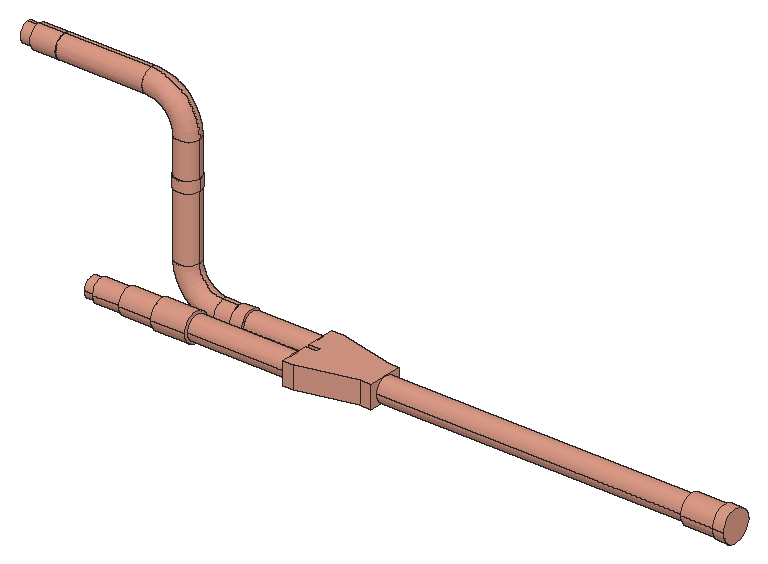
Revit family "outputfile", category 配管付属品, Revit 2024
Family settings
  丸型コネクタ寸法 = 半径を使用
  パーツ タイプ = 標準
  OmniClass 番号 = 23.65.55.00
  OmniClass タイトル = Distribution of Supplied Liquids/Gases
  作業面ベース = いいえ
  常に垂直 = はい
  ロード時にボイドで切り取り = いいえ
  共有 = いいえ
Parameters (values of type "BHFP26MA84_(1)")
  Description = ""
  製造元 = "Daikin"
  書き出し IFC クラス(タイプ) = "IfcPipeFittingType"
  Default Elevation = 0.0 mm
  定義済み IFC タイプ(タイプ) = "JUNCTION"
  Cost = 0
  モデル = "BHFP26MA84_(1)"
  Type Comments = ""
  Keynote = ""
  Type Image = (empty or 0)
  Assembly Code = ""
  table_PipeToCU_B [instance] = if(mm⇔inch, "Multi Module Kit_BHFP26MA-_Gas_PipeToCU_B", "Multi Module Kit_BHFP26MA-_Gas_PipeToCU_B_inch")  # "Multi Module Kit_BHFP26MA-_Gas_PipeToCU_B"
  table_PipeToCU_A [instance] = if(mm⇔inch, "Multi Module Kit_BHFP26MA-_Gas_PipeToCU_A", "Multi Module Kit_BHFP26MA-_Gas_PipeToCU_A_inch")  # "Multi Module Kit_BHFP26MA-_Gas_PipeToCU_A"
  table_ToMainPipe [instance] = if(mm⇔inch, "Multi Module Kit_BHFP26MA-_Gas_ToMainPipe", "Multi Module Kit_BHFP26MA-_Gas_ToMainPipe_inch")  # "Multi Module Kit_BHFP26MA-_Gas_ToMainPipe"
  switch_PipeToCU_B Reducer [instance] = if(and(Is_PipeToCU_B Reducer = 1, judge_IsOffsetPipe_ToOutdoorUnitB = 0), 1 = 1, 1 = 0)  # no
  switch_PipeToCU_B4 [instance] = if(number_PipeToCU_B < 4, 1 = 0, 1 = 1)  # yes
  switch_PipeToCU_B3 [instance] = if(number_PipeToCU_B < 3, 1 = 0, 1 = 1)  # yes
  switch_PipeToCU_B2 [instance] = if(number_PipeToCU_B < 2, 1 = 0, 1 = 1)  # yes
  switch_PipeToCU_A Reducer [instance] = if(Is_PipeToCU_A Reducer = 1, 1 = 1, 1 = 0)  # yes
  switch_ToMainPipe Reducer [instance] = if(Is_ToMainPipe Reducer = 1, 1 = 1, 1 = 0)  # no
  switch_ToMainPipe2 [instance] = if(number_ToMainPipe < 2, 1 = 0, 1 = 1)  # yes
  switch_Offset Reducer(4) [instance] = if(and([judge_JointType(1or2)] = 1, Is_PipeToCU_B Reducer = 1, judge_IsOffsetPipe_ToOutdoorUnitB = 1), 1 = 1, 1 = 0)  # no
  switch_Offset Reducer(3) [instance] = if(and([judge_JointType(1or2)] = 2, Is_PipeToCU_B Reducer = 1, judge_IsOffsetPipe_ToOutdoorUnitB = 1), 1 = 1, 1 = 0)  # no
  r_PipeToCU_B_ActualDiameter [instance] = PipeToCU_B_Gas_ActualDiameter / 2  # 9.55 mm
  r_PipeToCU_A_ActualDiameter [instance] = PipeToCU_A_Gas_ActualDiameter / 2  # 9.55 mm
  r_ToMainPipe_ActualDiameter [instance] = ToMainPipe_Gas_ActualDiameter / 2  # 15.9 mm
  number_PipeToCU_B ReducerPipe [instance] = size_lookup(table_PipeToCU_B, "reducerPipeNumber", 2, モデル, judge_IsOffsetPipe_ToOutdoorUnitB, PipeToCU_B_Gas_ActualDiameter)  # 0
  number_PipeToCU_B [instance] = size_lookup(table_PipeToCU_B, "pipeNumber", 2, モデル, judge_IsOffsetPipe_ToOutdoorUnitB, PipeToCU_B_Gas_ActualDiameter)  # 4
  number_PipeToCU_A ReducerPipe [instance] = size_lookup(table_PipeToCU_A, "reducerPipeNumber", 2, モデル, PipeToCU_A_Gas_ActualDiameter)  # 2
  number_ToMainPipe [instance] = size_lookup(table_ToMainPipe, "pipeNumber", 2, モデル, ToMainPipe_Gas_ActualDiameter)  # 2
  mm⇔inch [instance] = yes
  h_PipeToCU_B Connector [instance] = if(Is_PipeToCU_B Reducer = 1, 200.0 mm, 0.0 mm)  # 0.0 mm
  h_PipeToCU_A Connector [instance] = if(Is_PipeToCU_A Reducer = 1, 200.0 mm, 0.0 mm)  # 200.0 mm
  angle_PipeToCU_B Reducer [instance] = 90.00°  # constant formula
  Unit Type = "BHFP26MA-_Gas"
  Uniclass2015Version = "Products v1.31"
  Uniclass2015Title = "Copper pipe fittings"
  Uniclass2015Code = "Pr_65_52_63_18"
  URL = ""
  ToMainPipe_Gas_Status [instance] = size_lookup(table_ToMainPipe, "Information", "The connected pipe size is not available.", モデル, ToMainPipe_Gas_ActualDiameter)  # "Default connector size is used."
  ToMainPipe_Gas_ActualDiameter [instance] = 31.8 mm
  Tag No. [instance] = ""
  Series = "Multi Module kit"
  PipeToCU_B_Gas_Status [instance] = size_lookup(table_PipeToCU_B, "Information", "The connected pipe size is not available.", モデル, judge_IsOffsetPipe_ToOutdoorUnitB, PipeToCU_B_Gas_ActualDiameter)  # "Default connector size is used."
  PipeToCU_B_Gas_ActualDiameter [instance] = 19.1 mm
  PipeToCU_A_Gas_Status [instance] = size_lookup(table_PipeToCU_A, "Information", "The connected pipe size is not available.", モデル, PipeToCU_A_Gas_ActualDiameter)  # "Reducer is used at connector."
  PipeToCU_A_Gas_ActualDiameter [instance] = 19.1 mm
  Material_Piping = DAIKIN_Copper_Pipe
  Material_Insulation = DAIKIN_White_Insulation
  location_PipeToCU_B connector [instance] = size_lookup(table_PipeToCU_B, "Locationconnector", 0.0 mm, モデル, judge_IsOffsetPipe_ToOutdoorUnitB, PipeToCU_B_Gas_ActualDiameter)  # 0.0 mm
  location_PipeToCU_A connector [instance] = size_lookup(table_PipeToCU_A, "Locationconnector", 0.0 mm, モデル, PipeToCU_A_Gas_ActualDiameter)  # 0.0 mm
  l_PipeToCU_B connector [instance] = size_lookup(table_PipeToCU_B, "Length", 414.0 mm, モデル, judge_IsOffsetPipe_ToOutdoorUnitB, PipeToCU_B_Gas_ActualDiameter)  # 221.5 mm
  l_PipeToCU_B Reducer [instance] = 100.0 mm  # constant formula
  l_PipeToCU_B4 [instance] = size_lookup(table_PipeToCU_B, "L_Pipe4", 10.0 mm, モデル)  # 10.0 mm
  l_PipeToCU_B3 [instance] = size_lookup(table_PipeToCU_B, "L_Pipe3", 30.0 mm, モデル)  # 30.0 mm
  l_PipeToCU_B2 [instance] = size_lookup(table_PipeToCU_B, "L_Pipe2", 36.0 mm, モデル)  # 36.0 mm
  l_PipeToCU_B1 [instance] = size_lookup(table_PipeToCU_B, "L_Pipe1", 37.5 mm, モデル)  # 37.5 mm
  l_PipeToCU_B0 [instance] = size_lookup(table_PipeToCU_B, "L_Pipe0", 108.0 mm, モデル)  # 108.0 mm
  l_PipeToCU_A connector [instance] = size_lookup(table_PipeToCU_A, "Length", 320.0 mm, モデル, PipeToCU_A_Gas_ActualDiameter)  # 320.0 mm
  l_PipeToCU_A1 [instance] = size_lookup(table_PipeToCU_A, "L_Pipe1", 13.0 mm, モデル)  # 13.0 mm
  l_PipeToCU_A0 [instance] = size_lookup(table_PipeToCU_A, "L_Pipe0", 75.0 mm, モデル)  # 75.0 mm
  l_ToMainPipe connector [instance] = size_lookup(table_ToMainPipe, "Length", 384.0 mm, モデル, ToMainPipe_Gas_ActualDiameter)  # 384.0 mm
  l_ToMainPipe Reducer [instance] = size_lookup(table_ToMainPipe, "L_Reducer", 2.0 mm, モデル, ToMainPipe_Gas_ActualDiameter)  # 2.0 mm
  l_ToMainPipe2 [instance] = size_lookup(table_ToMainPipe, "L_Pipe2", 12.0 mm, モデル)  # 12.0 mm
  l_ToMainPipe1 [instance] = size_lookup(table_ToMainPipe, "L_Pipe1", 36.0 mm, モデル)  # 36.0 mm
  l_ToMainPipe0 [instance] = size_lookup(table_ToMainPipe, "L_Pipe0", 336.0 mm, モデル)  # 336.0 mm
  judge_IsOffsetPipe_ToOutdoorUnitB [instance] = 0  # constant formula
  judge_JointType(1or2) = 1
  count_PipeToCU_B Reducer [instance] = size_lookup(table_PipeToCU_B, "reducerCount", 1, モデル, judge_IsOffsetPipe_ToOutdoorUnitB, PipeToCU_B_Gas_ActualDiameter)  # 0
  count_PipeToCU_A Reducer [instance] = size_lookup(table_PipeToCU_A, "reducerCount", 1, モデル, PipeToCU_A_Gas_ActualDiameter)  # 1
  angle_PipeToCU_A Reducer [instance] = 90.00°  # constant formula
  angle_PipeToCU_A Connector [instance] = 90.00°  # constant formula
  PipeToCU_B_Gas_AvailableDiameter [instance] = size_lookup(table_PipeToCU_B, "sizeVariation", "", モデル, judge_IsOffsetPipe_ToOutdoorUnitB)  # "19.1/22.2/25.4/28.6mm"
  PipeToCU_A_Gas_AvailableDiameter [instance] = size_lookup(table_PipeToCU_A, "sizeVariation", "", モデル)  # "19.1/22.2mm"
  ToMainPipe_Gas_AvailableDiameter [instance] = size_lookup(table_ToMainPipe, "sizeVariation", "", モデル)  # "28.6/31.8/34.9mm"
  O.D_ToMainPipe Reducer [instance] = size_lookup(table_ToMainPipe, "O.D_reducer", 2.0 mm, モデル, ToMainPipe_Gas_ActualDiameter)  # 2.0 mm
  Link_Nested Family [instance] = ""
  Is_PipeToCU_B Reducer [instance] = size_lookup(table_PipeToCU_B, "IsReducer", 1, モデル, judge_IsOffsetPipe_ToOutdoorUnitB, PipeToCU_B_Gas_ActualDiameter)  # 0
  Is_PipeToCU_A Reducer [instance] = size_lookup(table_PipeToCU_A, "IsReducer", 1, モデル, PipeToCU_A_Gas_ActualDiameter)  # 1
  Is_ToMainPipe Reducer [instance] = size_lookup(table_ToMainPipe, "IsReducer", 0, モデル, ToMainPipe_Gas_ActualDiameter)  # 0
  IfcVersion = ""
  IfcExportType = "JUNCTION"
  IfcExportAs = "IfcPipeFittingType"
  Attach_Insulation [instance] = no
  I.D_PipeToCU_B4 [instance] = size_lookup(table_PipeToCU_B, "I.D_PipeSize4", 19.1 mm, モデル)  # 19.1 mm
  I.D_PipeToCU_B3 [instance] = size_lookup(table_PipeToCU_B, "I.D_PipeSize3", 22.2 mm, モデル)  # 22.2 mm
  I.D_PipeToCU_B2 [instance] = size_lookup(table_PipeToCU_B, "I.D_PipeSize2", 25.4 mm, モデル)  # 25.4 mm
  I.D_PipeToCU_B1 [instance] = size_lookup(table_PipeToCU_B, "I.D_PipeSize1", 28.6 mm, モデル)  # 28.6 mm
  I.D_PipeToCU_B0 [instance] = size_lookup(table_PipeToCU_B, "I.D_PipeSize0", 23.4 mm, モデル)  # 23.4 mm
  I.D_PipeToCU_A1 [instance] = 25.4 mm  # constant formula
  I.D_PipeToCU_A0 [instance] = 22.2 mm  # constant formula
  I.D_ToMainPipe Reducer [instance] = size_lookup(table_ToMainPipe, "I.D_reducer", 2.0 mm, モデル, ToMainPipe_Gas_ActualDiameter)  # 2.0 mm
  I.D_ToMainPipe2 [instance] = size_lookup(table_ToMainPipe, "I.D_PipeSize2", 31.8 mm, モデル)  # 31.8 mm
  I.D_ToMainPipe1 [instance] = size_lookup(table_ToMainPipe, "I.D_PipeSize1", 28.6 mm, モデル)  # 28.6 mm
  I.D_ToMainPipe0 [instance] = size_lookup(table_ToMainPipe, "I.D_PipeSize0", 23.4 mm, モデル)  # 23.4 mm
Reference planes
  plane 1 "Center (Front/Back)": y = 0
  plane 2: z = 0
  plane 3 "Center (Left/Right)": x = 225.65
  plane 4: x = 213.65
  plane 5: x = 177.65
  plane 6: x = -158.35
  plane 7: x = -243.35
  plane 8: x = -331.35
  plane 9: x = -351.35
  plane 10: x = -388.85
  plane 11: x = -424.85
  plane 12: x = -454.85
  plane 13: x = -464.85
  plane 14: y = 17.5
  plane 15: y = -17.491
  plane 16: x = -318.35
  plane 17: x = -108.35
  plane 18 "ToMainPipe_connector": x = 225.65
  plane 19 "connector_OutdoorunitA": x = -243.35
  plane 20 "connectorLocation_TooutdoorUnitB": y = -17.491
  plane 21 "connector_ToOutdoorUnitB": x = -464.85
Forms (mm)
  Extrusion 1, solid, material "DAIKIN_Copper_Pipe" <- "Material_Piping"
    sketch origin (0, 0, 0) x (1, 0, 0) y (0, 1, 0)
      loop
        line (-243.35, 1.998) -> (-231.35, 1.998) -> (-231.35, -1.998) -> (-243.35, -1.998) -> (-243.35, -33.29) -> (-231.35, -33.29) -> (-170.35, -19.109) -> (-158.35, -19.109) -> (-158.35, 18.821) -> (-170.35, 18.821) -> (-231.35, 33.29) -> (-243.35, 33.29) -> (-243.35, 1.998)
    from -12.2 to 12.2
Dimensions and locks
  locked: Extrusion 1 sketch curve to Extrusion 1 sketch curve at 37.93
  locked: Extrusion 1 sketch curve to Extrusion 1 sketch curve at 66.58
  locked: plane 6 to plane 17 at 50
  "l_PipeToCU_A0": plane 16 to plane 7
  "l_PipeToCU_A1": plane 8 to plane 16
  "l_PipeToCU_B0": plane 9 to plane 7
  "l_PipeToCU_B1": plane 10 to plane 9
  "l_PipeToCU_B2": plane 11 to plane 10
  "l_PipeToCU_B3": plane 12 to plane 11
  "l_PipeToCU_B4": plane 13 to plane 12
  locked: plane 7 to plane 6 at 85
  plane 17 to plane 5 = 286.0 mm
  "l_ToMainPipe1": plane 5 to plane 4
  "l_ToMainPipe2": plane 4 to plane 3 "Center (Left/Right)"
  "l_ToMainPipe0": plane 6 to plane 5
  "l_ToMainPipe connector": plane 6 to plane 18 "ToMainPipe_connector"
  "location_PipeToCU_A connector": plane 19 "connector_OutdoorunitA" to plane 7
  "l_PipeToCU_B connector": plane 21 "connector_ToOutdoorUnitB" to plane 7
  "location_PipeToCU_B connector": plane 20 "connectorLocation_TooutdoorUnitB" to plane 15
  plane 14 to plane 1 "Center (Front/Back)" to plane 15 = 17.5 mm locked, 17.491 mm locked
  plane 21 "connector_ToOutdoorUnitB" to plane 18 "ToMainPipe_connector" = 690.5 mm
  aligned and locked: level to plane 2
  aligned and locked: plane 2 to nested 1
  aligned and locked: plane 1 "Center (Front/Back)" to nested 1
  aligned and locked: plane 3 "Center (Left/Right)" to nested 1
  aligned and locked: plane 4 to nested 1
  aligned and locked: plane 4 to nested 2
  aligned and locked: plane 5 to nested 2
  aligned and locked: plane 5 to nested 3
  aligned and locked: plane 6 to nested 3
  aligned and locked: plane 6 to Extrusion 1
  aligned and locked: Extrusion 1 to plane 7  (x2)
  aligned and locked: plane 7 to nested 4
  aligned and locked: plane 8 to nested 5
  aligned and locked: plane 16 to nested 5
  aligned and locked: nested 5 to plane 14
  aligned and locked: nested 6 to plane 15
  aligned and locked: plane 7 to nested 6
  aligned and locked: plane 9 to nested 6
  aligned and locked: plane 10 to nested 7
  aligned and locked: plane 9 to nested 7
  aligned and locked: plane 11 to nested 8
  aligned and locked: plane 10 to nested 8
  aligned and locked: plane 12 to nested 9
  aligned and locked: plane 11 to nested 9
  aligned and locked: plane 13 to nested 10
  aligned and locked: plane 12 to nested 10
  aligned and locked: nested 10 to plane 15
  aligned and locked: nested 9 to plane 15
  aligned and locked: nested 8 to plane 15
  aligned and locked: nested 7 to plane 15
  aligned and locked: plane 1 "Center (Front/Back)" to nested 11
  aligned and locked: plane 17 to nested 11
  aligned and locked: plane 16 to nested 4
  aligned and locked: nested 12 to plane 14
  aligned and locked: plane 8 to nested 12
  aligned and locked: plane 1 "Center (Front/Back)" to nested 13
  aligned and locked: plane 18 "ToMainPipe_connector" to nested 13
  aligned and locked: plane 6 to nested 14
  aligned and locked: plane 1 "Center (Front/Back)" to nested 3
  aligned and locked: plane 14 to nested 15
  aligned and locked: nested 15 to plane 19 "connector_OutdoorunitA"
  aligned and locked: nested 16 to plane 20 "connectorLocation_TooutdoorUnitB"
  aligned and locked: nested 16 to plane 7
  aligned and locked: plane 11 to nested 17
  aligned and locked: nested 16 to plane 15
Automatic sketch dimensions
  Extrusion 1 sketch curve to plane 7 = 0.0 mm  (x2)
  Extrusion 1 sketch curve to plane 6 = 0.0 mm
  Extrusion 1 sketch curve to Extrusion 1 sketch curve = 12.0 mm  (x3)
  Extrusion 1 sketch curve to plane 1 "Center (Front/Back)" = 1.998 mm
  plane 14 to Extrusion 1 sketch curve = 1.321 mm
  Extrusion 1 sketch curve to plane 6 = 12.0 mm  (x2)
  Extrusion 1 sketch curve to plane 15 = 15.799 mm
  plane 1 "Center (Front/Back)" to Extrusion 1 sketch curve = 1.998 mm
Nested families
  nested 1: "daikin_Pipe" at (219.65, 0, 0), I.D_Pipe <- "I.D_ToMainPipe2", display <- "switch_ToMainPipe2", type "*"
    with length_Pipe 12.0 mm, display yes, O.D_Pipe 33.8 mm, I.D_Pipe 31.8 mm
  nested 2: "daikin_Pipe" at (195.65, 0, 0), I.D_Pipe <- "I.D_ToMainPipe1", type "*"
    with length_Pipe 36.0 mm, display yes, O.D_Pipe 30.6 mm, I.D_Pipe 28.6 mm
  nested 3: "daikin_Pipe" at (9.65, 0, 0), I.D_Pipe <- "I.D_ToMainPipe0", type "*"
    with length_Pipe 336.0 mm, display yes, O.D_Pipe 25.4 mm, I.D_Pipe 23.4 mm
  nested 4: "daikin_Pipe" at (-280.85, 17.644, 0), I.D_Pipe <- "I.D_PipeToCU_A0", type "*"
    with length_Pipe 75.0 mm, display yes, O.D_Pipe 24.2 mm, I.D_Pipe 22.2 mm
  nested 5: "daikin_Pipe" at (-324.85, 17.5, 0), I.D_Pipe <- "I.D_PipeToCU_A1", type "*"
    with length_Pipe 13.0 mm, display yes, O.D_Pipe 27.4 mm, I.D_Pipe 25.4 mm
  nested 6: "daikin_Pipe" at (-297.35, -17.491, 0), I.D_Pipe <- "I.D_PipeToCU_B0", type "*"
    with length_Pipe 108.0 mm, display yes, O.D_Pipe 25.4 mm, I.D_Pipe 23.4 mm
  nested 7: "daikin_Pipe" at (-370.1, -17.491, 0), I.D_Pipe <- "I.D_PipeToCU_B1", type "*"
    with length_Pipe 37.5 mm, display yes, O.D_Pipe 30.6 mm, I.D_Pipe 28.6 mm
  nested 8: "daikin_Pipe" at (-406.85, -17.491, 0), I.D_Pipe <- "I.D_PipeToCU_B2", display <- "switch_PipeToCU_B2", type "*"
    with length_Pipe 36.0 mm, display yes, O.D_Pipe 27.4 mm, I.D_Pipe 25.4 mm
  nested 9: "daikin_Pipe" at (-439.85, -17.491, 0), display <- "switch_PipeToCU_B3", I.D_Pipe <- "I.D_PipeToCU_B3", visible <- "switch_PipeToCU_B3", type "*"
    with length_Pipe 30.0 mm, display yes, O.D_Pipe 24.2 mm, I.D_Pipe 22.2 mm
  nested 10: "daikin_Pipe" at (-459.85, -17.491, 0), display <- "switch_PipeToCU_B4", I.D_Pipe <- "I.D_PipeToCU_B4", visible <- "switch_PipeToCU_B4", type "*"
    with length_Pipe 10.0 mm, display yes, O.D_Pipe 21.1 mm, I.D_Pipe 19.1 mm
  nested 11: "daikin_MultiModeluKit_Insulation" at (-108.35, 0, 0), display <- "Attach_Insulation", type "*"
    with h 54.2 mm, display no, I.D_Outlet PipeSize 22.2 mm
  nested 12: "daikin_Multi Module kit_Reducer90_rotate" at (-331.35, 17.5, 0), number_reducerPipe <- "number_PipeToCU_A ReducerPipe", angle_Pipe <- "angle_PipeToCU_A Reducer", visible <- "switch_PipeToCU_A Reducer", type "PipeToCU_A"
    with number_reducerPipe 2, angle_Pipe 90.00°, I.D_connector 19.1 mm
  nested 13: "daikin_Pipe_reducer" at (224.65, 0, 0), I.D_Pipe1 <- "I.D_ToMainPipe Reducer", O.D_Pipe2 <- "O.D_ToMainPipe Reducer", length_Pipe <- "l_ToMainPipe Reducer", display <- "switch_ToMainPipe Reducer", type "*"
    with length_Pipe 2.0 mm, display no, O.D_Pipe2 2.0 mm, O.D_Pipe1 4.0 mm, I.D_Pipe2 0.0 mm, I.D_Pipe1 2.0 mm
  nested 14: "daikin_connector_rotate3" at (-158.35, 0, 0) x (0, 1, 0) z (0, 0, 1), length <- "l_ToMainPipe connector", type "daikin_connector_rotate3"
    with radius 10.0 mm, length 384.0 mm, angle_vertical 90.00°, angle_horizontal 0.00°
  nested 15: "daikin_connector_rotate3" at (-243.35, 17.5, 200) x (-1, 0, 0) z (0, 0, 1), length <- "l_PipeToCU_A connector", angle_vertical <- "angle_PipeToCU_A Connector", built-in parameter 1001364 <- "h_PipeToCU_A Connector", type "daikin_connector_rotate3"
    with radius 10.0 mm, length 320.0 mm, angle_vertical 90.00°, angle_horizontal 90.00°
  nested 16: "daikin_connector_rotate3" at (-243.35, -17.491, 0) x (0, -1, 0) z (0, 0, 1), length <- "l_PipeToCU_B connector", built-in parameter 1001364 <- "h_PipeToCU_B Connector", type "daikin_connector_rotate3"
    with radius 10.0 mm, length 221.5 mm, angle_vertical 90.00°, angle_horizontal 0.00°
  nested 17: "daikin_Multi Module kit_Reducer90_rotate" at (-424.85, -17.491, 0), number_reducerPipe <- "number_PipeToCU_B ReducerPipe", angle_Pipe <- "angle_PipeToCU_B Reducer", visible <- "switch_PipeToCU_B Reducer", type "PipeToCU_B"
    with number_reducerPipe 0, angle_Pipe 90.00°, I.D_connector 34.9 mm, l_Pipe0 57.5 mm
Connectors
  piping at (225.65, 0, 0), diameter 31.8, driven by "r_ToMainPipe_ActualDiameter"
    settings: on nested 14, index 1, connector inside diameter 609.6 mm, connector length 0.0 mm, flow factor 0, pipe flow 0.00 m³/h, pressure drop 0.0 Pa, fitting loss kfactor 0, connector angle 0.00°, fixture units 0, engagement length 0.0 mm, angle of deflection 0.00°, flow configuration 0, flow direction 1, fitting loss method 0, system type 29, joint type 0, gender type 0, connector reference index -1, connector utility 0, adjustable connector no, is connector primary yes, connector description "Multi Module kit_to Main Pipe_Gas"
  piping at (-563.35, 17.5, 200), diameter 19.1, driven by "r_PipeToCU_A_ActualDiameter"
    settings: on nested 15, index 2, connector inside diameter 609.6 mm, connector length 0.0 mm, flow factor 0, pipe flow 0.00 m³/h, pressure drop 0.0 Pa, fitting loss kfactor 0, connector angle 0.00°, fixture units 0, engagement length 0.0 mm, angle of deflection 0.00°, flow configuration 0, flow direction 2, fitting loss method 0, system type 29, joint type 0, gender type 0, connector reference index -1, connector utility 0, adjustable connector no, is connector primary no, connector description "Multi Module kit_Piping to CU-A_Gas"
  piping at (-464.85, -17.491, 0), diameter 19.1, driven by "r_PipeToCU_B_ActualDiameter"
    settings: on nested 16, index 3, connector inside diameter 609.6 mm, connector length 0.0 mm, flow factor 0, pipe flow 0.00 m³/h, pressure drop 0.0 Pa, fitting loss kfactor 0, connector angle 0.00°, fixture units 0, engagement length 0.0 mm, angle of deflection 0.00°, flow configuration 0, flow direction 2, fitting loss method 0, system type 29, joint type 0, gender type 0, connector reference index -1, connector utility 0, adjustable connector no, is connector primary no, connector description "Multi Module kit_Piping to CU-B_Gas"
Definition of nested family "daikin_Pipe"
  Parameters (values of type "*")
    Default Elevation = 0.0 mm
    material = none
    length_Pipe [instance] = 150.0 mm
    display [instance] = yes
    O.D_Pipe [instance] = I.D_Pipe + 2.0 mm  # 27.0 mm
    I.D_Pipe [instance] = 25.0 mm
  Reference planes
    plane 1 "Center (Front/Back)": y = 0
    plane 2 "center(vertical)": z = 0
    plane 3 "Center (Left/Right)": x = 0
    plane 4 "left": x = -75
    plane 5 "right": x = 75
  Forms (mm)
    Extrusion 1, solid, material <- "material", visible <- "display"
      sketch origin (0, 0, 0) x (0, 1, 0) y (0, 0, 1)
        loop
          circle (0, 0) r 13.5
      from -75 to 75
  Dimensions and locks
    equal spacing: plane 4 "left", plane 3 "Center (Left/Right)", plane 5 "right"
    "length_Pipe": plane 4 "left" to plane 5 "right"
    "O.D_Pipe": diameter of Extrusion 1 sketch curve
    aligned and locked: level to plane 2 "center(vertical)"
    aligned and locked: plane 2 "center(vertical)" to Extrusion 1 sketch curve
    aligned and locked: plane 1 "Center (Front/Back)" to Extrusion 1 sketch curve
    aligned and locked: plane 5 "right" to Extrusion 1
    aligned and locked: Extrusion 1 to plane 4 "left"
Definition of nested family "daikin_Multi Module kit_Reducer90_rotate"
  Parameters (values of type "PipeToCU_A")
    Default Elevation = 0.0 mm
    number_reducerPipe [instance] = 4
    material_Pipe = none
    l_Pipe0 = 57.0 mm
    angle_Pipe [instance] = 30.00°
    I.D_connector [instance] = 34.9 mm
  Types (2, lengths in mm): name | l_Pipe0
    PipeToCU_A | 57.0
    PipeToCU_B | 55.0
  Reference planes
    plane 1 "Center (Front/Back)": y = 0
    plane 2: z = 0
    plane 3 "Center (Left/Right)": x = 0
  Dimensions and locks
    "angle_Pipe": angle plane 2 to nested 1
    aligned and locked: level to plane 2
  Nested families
    nested 1: "daikin_Multi Module kit_Reducer90" at (0, 0, 0) x (1, 0, 0) z (0, -0.5, 0.866), I.D_connector <- "I.D_connector", ReducerPipe <- "number_reducerPipe", l_Pipe0 <- "l_Pipe0", type "*"
      with l_Pipe0 57.0 mm, display_Pipe4 no, display_Pipe3 no, ReducerPipe 4, I.D_connector 34.9 mm
  Definition of nested family "daikin_Multi Module kit_Reducer90"
    Parameters (values of type "*")
      Default Elevation = 0.0 mm
      material_Pipe = none
      l_Pipe0 [instance] = 57.0 mm
      display_Pipe4 [instance] = ReducerPipe = 2  # no
      display_Pipe3 [instance] = or(ReducerPipe = 1, ReducerPipe = 2)  # no
      ReducerPipe [instance] = 0
      O.D_Pipe4 = 19.1 mm + 2.0 mm  # 21.1 mm
      O.D_Pipe3 = 24.9 mm  # constant formula
      O.D_Pipe2 = 25.4 mm  # constant formula
      O.D_Pipe1 = 27.4 mm  # constant formula
      O.D_Pipe0 = 25.4 mm  # constant formula
      I.D_connector [instance] = 0.0 mm
    Reference planes
      plane 1 "Center (Front/Back)": y = 0
      plane 2 "center_vertical": z = 0
      plane 3 "Center (Left/Right)": x = 0
      plane 4 "center_toOutdoor": x = -57
      plane 5: y = 110
      plane 6: y = 122
      plane 7: y = 200
      plane 8: x = -192
      plane 9: x = -220
      plane 10: x = -232
    Forms (mm)
      Sweep 1, solid, material <- "material_Pipe"
        path origin (0, 0, 0) x (1, 0, 0) y (0, 1, 0)
          loop
            line (0, 0) -> (-18.241, 0)
            arc (-18.241, 0) -> (-45.648, 11.352) -> (-57, 38.759) r 38.759
            line (-57, 38.759) -> (-57, 110)
        profile origin (-9.12, 0, 0) x (0, -1, 0) y (0, 0, 1)
          loop
            circle (0, 0) r 12.7
      Extrusion 2, solid, material <- "material_Pipe"
        sketch origin (0, 0, 0) x (1, 0, 0) y (0, 0, 1)
          loop
            circle (-57, 0) r 13.7
        from -122 to -110
      Sweep 3, solid, material <- "material_Pipe"
        path origin (0, 0, 0) x (1, 0, 0) y (0, 1, 0)
          loop
            line (-57, 122) -> (-57, 160)
            arc (-57, 160) -> (-68.716, 188.284) -> (-97, 200) r 40
            line (-97, 200) -> (-192, 200)
        profile origin (-57, 141, 0) x (-1, 0, 0) y (0, 0, 1)
          loop
            circle (0, 0) r 12.7
      Extrusion 4, solid, material <- "material_Pipe", visible <- "display_Pipe3"
        sketch origin (0, 0, 0) x (0, 1, 0) y (0, 0, 1)
          loop
            circle (200, 0) r 12.45
        from -220 to -192
      Extrusion 5, solid, material <- "material_Pipe", visible <- "display_Pipe4"
        sketch origin (0, -10.14, 0) x (0, 1, 0) y (0, 0, 1)
          loop
            circle (210.14, 0) r 10.55
        from -232 to -220
    Lines and regions (mm)
      reference lines
        curve 1: line (0, 0, 0) -> (-57, 0, 0)
    Dimensions and locks
      locked: plane 1 "Center (Front/Back)" to plane 5 at 110
      locked: plane 6 to plane 5 at 12
      "l_Pipe0": plane 4 "center_toOutdoor" to plane 3 "Center (Left/Right)"
      plane 1 "Center (Front/Back)" to plane 7 = 200.0 mm
      locked: plane 8 to plane 4 "center_toOutdoor" at 135
      locked: plane 9 to plane 8 at 28
      locked: plane 10 to plane 9 at 12
      plane 10 to plane 3 "Center (Left/Right)" = 232.0 mm
      "O.D_Pipe0": diameter of Sweep 1 sketch curve
      "O.D_Pipe1": diameter of Extrusion 2 sketch curve
      "O.D_Pipe2": diameter of Sweep 3 sketch curve
      "O.D_Pipe3": diameter of Extrusion 4 sketch curve
      "O.D_Pipe4": diameter of Extrusion 5 sketch curve
      aligned and locked: level to plane 2 "center_vertical"
      aligned and locked: plane 6 to Extrusion 2
      aligned and locked: Extrusion 2 to plane 5
      aligned and locked: Sweep 1 sketch curve to plane 1 "Center (Front/Back)"
      aligned and locked: plane 3 "Center (Left/Right)" to curve 1
      aligned and locked: curve 1 to plane 1 "Center (Front/Back)"
      aligned and locked: plane 4 "center_toOutdoor" to Sweep 3 sketch curve
      aligned and locked: plane 2 "center_vertical" to Sweep 3 sketch curve
      aligned and locked: plane 2 "center_vertical" to Extrusion 4 sketch curve
      aligned and locked: plane 7 to Extrusion 4 sketch curve
      aligned and locked: Extrusion 4 to plane 9
      aligned and locked: plane 8 to Extrusion 4
      aligned and locked: Extrusion 5 to plane 10
      aligned and locked: plane 9 to Extrusion 5
      aligned and locked: plane 7 to Extrusion 5 sketch curve
      aligned and locked: plane 2 "center_vertical" to Extrusion 5 sketch curve
    Automatic sketch dimensions
      Sweep 1 sketch curve to plane 4 "center_toOutdoor" = 0.0 mm
      Sweep 1 sketch curve to plane 3 "Center (Left/Right)" = 0.0 mm
      Sweep 1 sketch curve to plane 5 = 0.0 mm
      Sweep 1 sketch curve to plane 3 "Center (Left/Right)" = 18.241 mm
      curve 1 to plane 4 "center_toOutdoor" = 0.0 mm
      Sweep 3 sketch curve to plane 7 = 0.0 mm
      Sweep 3 sketch curve to plane 8 = 0.0 mm
      Sweep 3 sketch curve to plane 4 "center_toOutdoor" = 0.0 mm
      Sweep 3 sketch curve to plane 6 = 0.0 mm
      Sweep 3 sketch curve to plane 4 "center_toOutdoor" = 40.0 mm
      Sweep 1 sketch curve to level = 0.0 mm
      Sweep 1 sketch curve to profile plane = 0.0 mm
      Extrusion 2 sketch curve to level = 0.0 mm
      Extrusion 2 sketch curve to plane 4 "center_toOutdoor" = 0.0 mm
Definition of nested family "daikin_MultiModeluKit_Insulation"
  Parameters (values of type "*")
    Default Elevation = 0.0 mm
    Model = ""
    material = none
    h [instance] = (I.D_Outlet PipeSize + 2.0 mm) + 30.0 mm  # 47.0 mm
    display [instance] = yes
    I.D_Outlet PipeSize [instance] = 15.0 mm
  Reference planes
    plane 1 "Center (Front/Back)": y = 0
    plane 2: z = 0
    plane 3 "Left": x = 0
    plane 4 "top": z = 23.5
    plane 5 "bottom": z = -23.5
  Forms (mm)
    Extrusion 1, solid, material <- "material", visible <- "display"
      sketch origin (0, 0, 0) x (1, 0, 0) y (0, 1, 0)
        loop
          line (0, -27.7) -> (0, 27.7) -> (-123, 45.79) -> (-206, 45.79) -> (-206, 7.021) -> (-269.393, 10) -> (-321, 10) -> (-321, -45.79) -> (-123, -45.79) -> (0, -27.7)
      from -23.5 to 23.5
  Dimensions and locks
    equal spacing: plane 4 "top", plane 2, plane 5 "bottom"
    "h": plane 4 "top" to plane 5 "bottom"
    aligned and locked: level to plane 2
    aligned and locked: plane 3 "Left" to Extrusion 1
    aligned and locked: Extrusion 1 to plane 5 "bottom"
    aligned and locked: plane 4 "top" to Extrusion 1
  Automatic sketch dimensions
    Extrusion 1 sketch curve to plane 3 "Left" = 0.0 mm
    Extrusion 1 sketch curve to plane 1 "Center (Front/Back)" = 45.79 mm
    Extrusion 1 sketch curve to plane 3 "Left" = 123.0 mm
    Extrusion 1 sketch curve to Extrusion 1 sketch curve = 83.0 mm
    Extrusion 1 sketch curve to plane 1 "Center (Front/Back)" = 10.0 mm
    Extrusion 1 sketch curve to Extrusion 1 sketch curve = 63.393 mm
    Extrusion 1 sketch curve to Extrusion 1 sketch curve = 51.607 mm
    Extrusion 1 sketch curve to plane 1 "Center (Front/Back)" = 7.021 mm
    plane 1 "Center (Front/Back)" to Extrusion 1 sketch curve = 45.79 mm
    Extrusion 1 sketch curve to plane 1 "Center (Front/Back)" = 27.7 mm
    Extrusion 1 sketch curve to Extrusion 1 sketch curve = 0.0 mm
    plane 1 "Center (Front/Back)" to Extrusion 1 sketch curve = 27.7 mm
Definition of nested family "daikin_Pipe_reducer"
  Parameters (values of type "*")
    Default Elevation = 0.0 mm
    material = none
    length_Pipe [instance] = 250.0 mm
    display [instance] = yes
    O.D_Pipe2 [instance] = 19.1 mm
    O.D_Pipe1 [instance] = I.D_Pipe1 + 2.0 mm  # 24.2 mm
    I.D_Pipe2 [instance] = O.D_Pipe2 - 2.0 mm  # 17.1 mm
    I.D_Pipe1 [instance] = 22.2 mm
  Reference planes
    plane 1 "Center (Front/Back)": y = 0
    plane 2 "center(vertical)": z = 0
    plane 3 "Center (Left/Right)": x = 0
    plane 4 "connection": x = -125
    plane 5 "right": x = 113
    plane 6: x = 125
  Forms (mm)
    Extrusion 1, solid, material <- "material", visible <- "display"
      sketch origin (0, 0, 0) x (0, 1, 0) y (0, 0, 1)
        loop
          circle (0, 0) r 9.55
      from -125 to 113
    Extrusion 2, solid, material <- "material", visible <- "display"
      sketch origin (0, 0, 0) x (0, 1, 0) y (0, 0, 1)
        loop
          circle (0, 0) r 12.1
      from 113 to 125
  Dimensions and locks
    locked: plane 5 "right" to plane 6 at 12
    "length_Pipe": plane 4 "connection" to plane 6
    equal spacing: plane 4 "connection", plane 3 "Center (Left/Right)", plane 6
    "O.D_Pipe2": diameter of Extrusion 1 sketch curve
    "O.D_Pipe1": diameter of Extrusion 2 sketch curve
    aligned and locked: level to plane 2 "center(vertical)"
    aligned and locked: plane 2 "center(vertical)" to Extrusion 1 sketch curve
    aligned and locked: plane 1 "Center (Front/Back)" to Extrusion 1 sketch curve
    aligned and locked: plane 5 "right" to Extrusion 1
    aligned and locked: Extrusion 1 to plane 4 "connection"
    aligned and locked: plane 2 "center(vertical)" to Extrusion 2 sketch curve
    aligned and locked: plane 1 "Center (Front/Back)" to Extrusion 2 sketch curve
    aligned and locked: Extrusion 2 to plane 5 "right"
    aligned and locked: plane 6 to Extrusion 2
Definition of nested family "daikin_connector_rotate3"
  Parameters (values of type "daikin_connector_rotate3")
    Default Elevation = 1219.2 mm
    show_face = no
    show_circle = no
    radius [instance] = 10.0 mm
    length [instance] = 600.0 mm
    angle_horizontal [instance] = 60.00°
    angle_vertical [instance] = 90.00°
  Reference planes
    plane 1 "Center (Front/Back)": y = 0
    plane 2: z = 0
    plane 3 "Center (Left/Right)": x = 0
  Dimensions and locks
    "angle_horizontal": angle plane 3 "Center (Left/Right)" to nested 1
    aligned and locked: level to plane 2
    aligned and locked: plane 1 "Center (Front/Back)" to nested 1  (x2)
    aligned and locked: plane 3 "Center (Left/Right)" to nested 1
  Nested families
    nested 1: "daikin_connector_rotate2" at (0, 0, 0) x (0.5, 0.866, 0) z (0, 0, 1), angle_vertical <- "angle_vertical", length <- "length", radius <- "radius", type "daikin_connector_rotate2"
      with radius 10.0 mm, length 600.0 mm, angle_vertical 90.00°, Default Elevation 0.0 mm, show_circle no
  Definition of nested family "daikin_connector_rotate2"
    Parameters (values of type "daikin_connector_rotate2")
      Default Elevation = 1219.2 mm
      show_face = no
      show_circle = yes
      radius [instance] = 10.0 mm
      length [instance] = 600.0 mm
      d_surface = 10.0 mm
      angle_vertical [instance] = 90.00°
    Reference planes
      plane 1 "Center (Front/Back)": y = 0
      plane 2: z = 0
      plane 3 "Center (Left/Right)": x = 0
    Forms (mm)
      Extrusion 1, solid, visible <- "show_face"
        sketch origin (0, -600, 0) x (1, 0, 0) y (0, 0, 1)
          loop
            circle (0, 0) r 10
        from 0 to -10
    Lines and regions (mm)
      reference lines
        curve 1: line (0, 0, 0) -> (0, -600, 0)
      symbolic lines, visible <- "show_circle"
        curve 2: circle (0, 0, 0) r 5 normal (0, 0, 1)
      model lines, visible <- "show_face"
        curve 3: line (0, 0, 0) -> (0, -600, 0)
    Dimensions and locks
      "length": curve 1 to curve 1
      "length": curve 3 to curve 3
      "d_surface": Extrusion 1 to Extrusion 1
      "radius": radius of Extrusion 1 sketch curve
      "angle_vertical": angle curve 1 to plane 1 "Center (Front/Back)"
      "angle_vertical": angle curve 3 to plane 1 "Center (Front/Back)"
      aligned and locked: level to plane 2
      aligned and locked: plane 1 "Center (Front/Back)" to curve 1
      aligned and locked: plane 2 to curve 1
      aligned and locked: plane 1 "Center (Front/Back)" to curve 2
      aligned and locked: plane 3 "Center (Left/Right)" to curve 2
      aligned and locked: plane 1 "Center (Front/Back)" to curve 3
      aligned and locked: plane 2 to curve 3
      aligned and locked: Extrusion 1 to Extrusion 1
    Automatic sketch dimensions
      Extrusion 1 sketch curve to level = 0.0 mm
      Extrusion 1 sketch curve to plane 3 "Center (Left/Right)" = 0.0 mm
      radius of curve 2 = 5.0 mm
